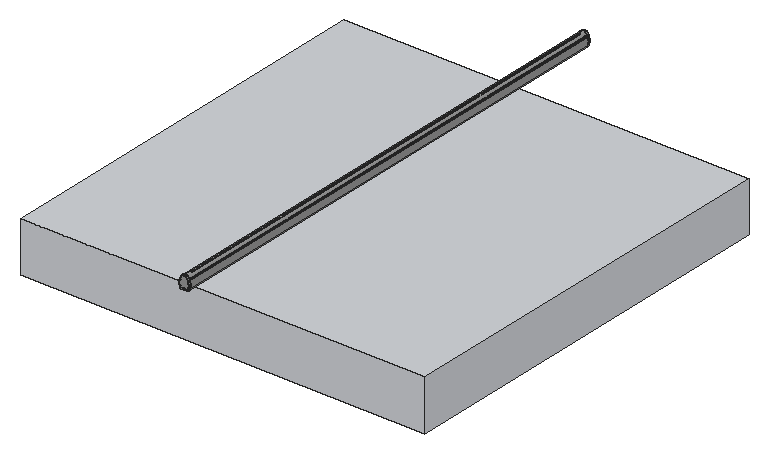
Revit family "L-trade II 130", category Осветительные приборы, Revit 2017 (continued)
Definition of nested family "L-trade II_body"
  Definition of nested family "Trade II торцевая крышка"
    Automatic sketch dimensions
      Extrusion 6 sketch curve to Extrusion 6 sketch curve = 8.271 mm  (x4)
      Extrusion 6 sketch curve to Extrusion 6 sketch curve = 1.531 mm  (x2)
      Extrusion 6 sketch curve to Extrusion 6 sketch curve = 5.501 mm  (x2)
      Extrusion 6 sketch curve to Extrusion 6 sketch curve = 4.46 mm  (x2)
      Extrusion 6 sketch curve to plane 3 "По центру (Влево/Вправо)" = 0.005 mm
      Extrusion 6 sketch curve to Extrusion 6 sketch curve = 4.841 mm
      Extrusion 6 sketch curve to plane 4 "Плоскость низа светильника" = 0.334 mm  (x2)
      Extrusion 6 sketch curve to Extrusion 6 sketch curve = 3.955 mm  (x2)
      Extrusion 6 sketch curve to Extrusion 6 sketch curve = 0.286 mm  (x2)
      Extrusion 6 sketch curve to plane 4 "Плоскость низа светильника" = 5.972 mm  (x2)
      Extrusion 6 sketch curve to plane 3 "По центру (Влево/Вправо)" = 5.642 mm
      Extrusion 6 sketch curve to Extrusion 6 sketch curve = 0.007 mm  (x2)
      Extrusion 6 sketch curve to plane 3 "По центру (Влево/Вправо)" = 16.883 mm
      Extrusion 6 sketch curve to Extrusion 6 sketch curve = 13.881 mm
      Extrusion 6 sketch curve to Extrusion 6 sketch curve = 1.459 mm  (x2)
      Extrusion 6 sketch curve to Extrusion 6 sketch curve = 0.611 mm  (x2)
      Extrusion 6 sketch curve to Extrusion 6 sketch curve = 6.48 mm  (x2)
      Extrusion 6 sketch curve to Extrusion 6 sketch curve = 9.13 mm  (x2)
      Extrusion 6 sketch curve to Extrusion 6 sketch curve = 2.408 mm  (x2)
      Extrusion 6 sketch curve to Extrusion 6 sketch curve = 2.412 mm  (x2)
      Extrusion 6 sketch curve to Extrusion 6 sketch curve = 2.678 mm  (x2)
      Extrusion 6 sketch curve to Extrusion 6 sketch curve = 2.683 mm  (x2)
      Extrusion 6 sketch curve to Extrusion 6 sketch curve = 0.731 mm  (x2)
      plane 3 "По центру (Влево/Вправо)" to Extrusion 6 sketch curve = 5.625 mm
      plane 3 "По центру (Влево/Вправо)" to Extrusion 6 sketch curve = 16.874 mm
      Extrusion 6 sketch curve to Extrusion 6 sketch curve = 13.895 mm
      plane 4 "Плоскость низа светильника" to Extrusion 6 sketch curve = 2.402 mm  (x2)
      Extrusion 6 sketch curve to Extrusion 6 sketch curve = 3.072 mm  (x2)
      Extrusion 6 sketch curve to Extrusion 6 sketch curve = 5.16 mm
      Extrusion 6 sketch curve to plane 4 "Плоскость низа светильника" = 2 mm  (x2)
      Extrusion 6 sketch curve to Extrusion 6 sketch curve = 1.353 mm  (x2)
      Extrusion 7 sketch curve to Extrusion 7 sketch curve = 0 mm  (x4)
      Extrusion 7 sketch curve to plane 4 "Плоскость низа светильника" = 0 mm
      plane 4 "Плоскость низа светильника" to Extrusion 7 sketch curve = 5.829 mm  (x2)
      Extrusion 7 sketch curve to Extrusion 7 sketch curve = 5.503 mm  (x2)
      Extrusion 7 sketch curve to Extrusion 7 sketch curve = 1.526 mm  (x2)
      Extrusion 7 sketch curve to Extrusion 7 sketch curve = 1.35 mm  (x4)
      Extrusion 7 sketch curve to Extrusion 7 sketch curve = 8.271 mm  (x4)
      Extrusion 7 sketch curve to Extrusion 7 sketch curve = 1.531 mm  (x2)
      Extrusion 7 sketch curve to Extrusion 7 sketch curve = 5.501 mm  (x2)
      Extrusion 7 sketch curve to Extrusion 7 sketch curve = 4.46 mm  (x2)
      Extrusion 7 sketch curve to plane 3 "По центру (Влево/Вправо)" = 0.005 mm
      Extrusion 7 sketch curve to Extrusion 7 sketch curve = 4.841 mm
      Extrusion 7 sketch curve to plane 4 "Плоскость низа светильника" = 0.334 mm  (x2)
      Extrusion 7 sketch curve to Extrusion 7 sketch curve = 3.955 mm  (x2)
      Extrusion 7 sketch curve to Extrusion 7 sketch curve = 0.286 mm  (x2)
      Extrusion 7 sketch curve to plane 4 "Плоскость низа светильника" = 5.972 mm  (x2)
      Extrusion 7 sketch curve to plane 3 "По центру (Влево/Вправо)" = 5.642 mm
      Extrusion 7 sketch curve to Extrusion 7 sketch curve = 0.007 mm  (x2)
      Extrusion 7 sketch curve to plane 3 "По центру (Влево/Вправо)" = 16.883 mm
      Extrusion 7 sketch curve to Extrusion 7 sketch curve = 13.881 mm
      Extrusion 7 sketch curve to Extrusion 7 sketch curve = 1.459 mm  (x2)
      Extrusion 7 sketch curve to Extrusion 7 sketch curve = 0.611 mm  (x2)
      Extrusion 7 sketch curve to Extrusion 7 sketch curve = 6.48 mm  (x2)
      Extrusion 7 sketch curve to Extrusion 7 sketch curve = 9.13 mm  (x2)
      Extrusion 7 sketch curve to Extrusion 7 sketch curve = 2.408 mm  (x2)
      Extrusion 7 sketch curve to Extrusion 7 sketch curve = 2.412 mm  (x2)
      Extrusion 7 sketch curve to Extrusion 7 sketch curve = 2.678 mm  (x2)
      Extrusion 7 sketch curve to Extrusion 7 sketch curve = 2.683 mm  (x2)
      Extrusion 7 sketch curve to Extrusion 7 sketch curve = 0.731 mm  (x2)
      plane 3 "По центру (Влево/Вправо)" to Extrusion 7 sketch curve = 5.625 mm
      plane 3 "По центру (Влево/Вправо)" to Extrusion 7 sketch curve = 16.874 mm
      Extrusion 7 sketch curve to Extrusion 7 sketch curve = 13.895 mm
      plane 4 "Плоскость низа светильника" to Extrusion 7 sketch curve = 2.402 mm  (x2)
      Extrusion 7 sketch curve to Extrusion 7 sketch curve = 3.072 mm  (x2)
      Extrusion 7 sketch curve to Extrusion 7 sketch curve = 5.16 mm
      Extrusion 7 sketch curve to plane 4 "Плоскость низа светильника" = 2 mm  (x2)
      Extrusion 7 sketch curve to Extrusion 7 sketch curve = 1.353 mm  (x2)
Types (6, lengths in mm): name | Цветовая температура | Световой поток светильника | Кривая сил света | Wattage | built-in parameter 1150134 | Файл фотометрической сетки | built-in parameter 1150142 | built-in parameter 1150105 | Lumens | built-in parameter 1150107 | built-in parameter 1150106 | Manufacturer | Артикул
  L-trade II 130 4.0K Д | 4000 K | 15210 lm | "Д" | 102.395 W | 12 | "L-trade II 130-130-D-4.0-03.ies" | "IESNA:LM-63-1995\r\n[TEST]LEDEL\r\n[DATA]17.01.2017\r\n[MANUFAC]LEDEL\r\n[LUMCAT]L-trade II 130/130/Д/4.0/03\r\n[LUMINAIRE]Для освещения торговых залов, промышленных помещений, складов, магазинов, спортивных сооружений и т.д.  \r\n[LAMPCAT]LED\r\n[LAMP]OSRAM DURIS \r\nTILT=NONE\r\n\r\n1 15210 3.31685 37 10 1 2 3.031 0.05 0.123\r\n\r\n1 1 130\r\n\r\n 0 2.5 5 7.5 10 12.5 15 17.5 20 22.5 25 27.5 30 32.5 35 37.5 40 42.5 45 47.5\r\n 50 52.5 55 57.5 60 62.5 65 67.5 70 72.5 75 77.5 80 82.5 85 87.5 90\r\n\r\n  0 10 20 30 40 50 60 70 80 90\r\n\r\n  1448 1456 1465 1459 1434 1417 1396 1387 1383 1354 1329 1311 1281 1249 1214\r\n  1167 1135 1093 1050 1004 955 898 842 790 745 685 614 558 497 436\r\n  375 307 242 181 126 65 39\r\n  1449 1455 1464 1457 1433 1415 1396 1387 1385 1360 1334 1315 1285 1254 1221\r\n  1181 1144 1102 1059 1013 961 911 849 798 755 700 626 560 497 434\r\n  371 301 237 176 120 59 39\r\n  1446 1455 1463 1457 1437 1419 1402 1386 1386 1367 1337 1318 1288 1254 1226\r\n  1187 1141 1110 1065 1016 966 920 861 805 762 711 645 578 519 459\r\n  393 327 261 195 142 79 45\r\n  1446 1455 1462 1461 1443 1422 1409 1388 1379 1372 1344 1313 1292 1266 1230\r\n  1195 1156 1111 1073 1024 976 923 870 806 750 704 651 582 514 456\r\n  393 334 265 199 145 84 50\r\n  1446 1454 1462 1461 1447 1427 1411 1395 1371 1361 1347 1320 1287 1263 1235\r\n  1191 1154 1118 1068 1019 972 924 870 813 751 689 638 589 519 450\r\n  390 327 267 206 148 94 52\r\n  1445 1454 1461 1460 1449 1433 1414 1395 1375 1348 1333 1326 1298 1255 1221\r\n  1194 1158 1114 1070 1022 964 917 852 793 731 674 605 546 502 439\r\n  370 313 256 200 141 95 53\r\n  1446 1453 1461 1458 1452 1441 1428 1407 1380 1362 1338 1304 1278 1262 1243\r\n  1196 1146 1105 1065 1015 958 911 855 780 736 671 611 544 480 418\r\n  368 309 249 198 147 99 58\r\n  1447 1454 1458 1455 1449 1445 1432 1419 1396 1372 1343 1310 1281 1254 1215\r\n  1173 1137 1097 1055 1004 943 890 840 772 714 658 590 515 449 386\r\n  323 262 219 167 127 88 52\r\n  1455 1455 1454 1446 1437 1427 1415 1396 1377 1353 1321 1293 1259 1220 1176\r\n  1121 1063 1016 970 915 860 796 738 689 627 546 468 418 339 272\r\n  206 154 106 74 48 28 20\r\n  1453 1452 1452 1449 1443 1436 1425 1412 1396 1376 1352 1327 1293 1265 1234\r\n  1195 1141 1095 1049 999 950 899 826 780 705 632 578 501 435 364\r\n  295 228 169 115 72 40 22\r\n  1455 1452 1447 1432 1418 1398 1384 1368 1355 1329 1289 1253 1215 1176 1132\r\n  1090 1041 993 928 867 814 739 647 556 500 486 437 344 282 217\r\n  153 111 78 55 36 25 22\r\n  1447 1443 1438 1431 1425 1412 1396 1374 1351 1315 1276 1227 1185 1154 1116\r\n  1042 965 916 913 907 845 755 688 630 568 486 419 357 300 242\r\n  190 149 110 70 47 31 29\r\n  1446 1443 1446 1445 1431 1408 1385 1359 1327 1300 1252 1177 1120 1110 1115\r\n  1086 1020 955 910 863 805 738 673 620 554 494 430 368 312 260\r\n  211 161 106 73 47 35 32\r\n  1445 1445 1452 1447 1429 1404 1377 1356 1324 1263 1220 1224 1225 1170 1099\r\n  1054 1021 977 918 854 808 748 695 645 587 527 466 415 356 298\r\n  240 170 126 87 50 37 35\r\n  1446 1448 1455 1447 1428 1403 1377 1340 1278 1267 1296 1269 1209 1168 1128\r\n  1076 1019 958 916 864 809 763 711 653 592 538 481 425 366 301\r\n  228 173 131 83 47 37 35\r\n  1446 1454 1457 1445 1426 1403 1369 1311 1301 1328 1299 1241 1210 1178 1135\r\n  1078 1029 986 933 882 832 775 718 656 604 547 490 430 366 290\r\n  224 175 124 75 44 37 34\r\n  1446 1454 1457 1445 1424 1402 1357 1314 1337 1339 1284 1243 1216 1179 1127\r\n  1076 1035 984 936 896 845 788 726 676 617 559 497 433 362 285\r\n  225 176 120 72 41 37 34\r\n  1449 1459 1456 1440 1421 1391 1343 1326 1355 1329 1277 1253 1225 1186 1130\r\n  1092 1049 999 955 910 858 797 740 689 627 568 508 443 369 293\r\n  235 184 123 72 41 36 34\r\n  1448 1457 1457 1440 1418 1389 1343 1334 1359 1321 1278 1253 1219 1176 1123\r\n  1087 1041 994 951 905 852 790 736 679 621 561 498 432 356 283\r\n  225 172 113 67 40 35 34\r\n\r\n" | 1210.4 (stored number, unit not read) | 15210 lm | 4000 (stored number, unit not read) | 12.104 (stored number, unit not read) | "" | "324113000843300"
  L-trade II 130 5.0K Д | 5000 K | 15210 lm | "Д" | 102.395 W | 2 | "L-trade II 130-130-D-5.0-03.ies" | "IESNA:LM-63-1995\r\n[TEST]LEDEL\r\n[DATA]17.01.2017\r\n[MANUFAC]LEDEL\r\n[LUMCAT]L-trade II 130/130/Д/5.0/03\r\n[LUMINAIRE]Для освещения торговых залов, промышленных помещений, складов, магазинов, спортивных сооружений и т.д.  \r\n[LAMPCAT]LED\r\n[LAMP]OSRAM DURIS \r\nTILT=NONE\r\n\r\n1 15210 3.31685 37 10 1 2 3.031 0.05 0.123\r\n\r\n1 1 130\r\n\r\n 0 2.5 5 7.5 10 12.5 15 17.5 20 22.5 25 27.5 30 32.5 35 37.5 40 42.5 45 47.5\r\n 50 52.5 55 57.5 60 62.5 65 67.5 70 72.5 75 77.5 80 82.5 85 87.5 90\r\n\r\n  0 10 20 30 40 50 60 70 80 90\r\n\r\n  1448 1456 1465 1459 1434 1417 1396 1387 1383 1354 1329 1311 1281 1249 1214\r\n  1167 1135 1093 1050 1004 955 898 842 790 745 685 614 558 497 436\r\n  375 307 242 181 126 65 39\r\n  1449 1455 1464 1457 1433 1415 1396 1387 1385 1360 1334 1315 1285 1254 1221\r\n  1181 1144 1102 1059 1013 961 911 849 798 755 700 626 560 497 434\r\n  371 301 237 176 120 59 39\r\n  1446 1455 1463 1457 1437 1419 1402 1386 1386 1367 1337 1318 1288 1254 1226\r\n  1187 1141 1110 1065 1016 966 920 861 805 762 711 645 578 519 459\r\n  393 327 261 195 142 79 45\r\n  1446 1455 1462 1461 1443 1422 1409 1388 1379 1372 1344 1313 1292 1266 1230\r\n  1195 1156 1111 1073 1024 976 923 870 806 750 704 651 582 514 456\r\n  393 334 265 199 145 84 50\r\n  1446 1454 1462 1461 1447 1427 1411 1395 1371 1361 1347 1320 1287 1263 1235\r\n  1191 1154 1118 1068 1019 972 924 870 813 751 689 638 589 519 450\r\n  390 327 267 206 148 94 52\r\n  1445 1454 1461 1460 1449 1433 1414 1395 1375 1348 1333 1326 1298 1255 1221\r\n  1194 1158 1114 1070 1022 964 917 852 793 731 674 605 546 502 439\r\n  370 313 256 200 141 95 53\r\n  1446 1453 1461 1458 1452 1441 1428 1407 1380 1362 1338 1304 1278 1262 1243\r\n  1196 1146 1105 1065 1015 958 911 855 780 736 671 611 544 480 418\r\n  368 309 249 198 147 99 58\r\n  1447 1454 1458 1455 1449 1445 1432 1419 1396 1372 1343 1310 1281 1254 1215\r\n  1173 1137 1097 1055 1004 943 890 840 772 714 658 590 515 449 386\r\n  323 262 219 167 127 88 52\r\n  1455 1455 1454 1446 1437 1427 1415 1396 1377 1353 1321 1293 1259 1220 1176\r\n  1121 1063 1016 970 915 860 796 738 689 627 546 468 418 339 272\r\n  206 154 106 74 48 28 20\r\n  1453 1452 1452 1449 1443 1436 1425 1412 1396 1376 1352 1327 1293 1265 1234\r\n  1195 1141 1095 1049 999 950 899 826 780 705 632 578 501 435 364\r\n  295 228 169 115 72 40 22\r\n  1455 1452 1447 1432 1418 1398 1384 1368 1355 1329 1289 1253 1215 1176 1132\r\n  1090 1041 993 928 867 814 739 647 556 500 486 437 344 282 217\r\n  153 111 78 55 36 25 22\r\n  1447 1443 1438 1431 1425 1412 1396 1374 1351 1315 1276 1227 1185 1154 1116\r\n  1042 965 916 913 907 845 755 688 630 568 486 419 357 300 242\r\n  190 149 110 70 47 31 29\r\n  1446 1443 1446 1445 1431 1408 1385 1359 1327 1300 1252 1177 1120 1110 1115\r\n  1086 1020 955 910 863 805 738 673 620 554 494 430 368 312 260\r\n  211 161 106 73 47 35 32\r\n  1445 1445 1452 1447 1429 1404 1377 1356 1324 1263 1220 1224 1225 1170 1099\r\n  1054 1021 977 918 854 808 748 695 645 587 527 466 415 356 298\r\n  240 170 126 87 50 37 35\r\n  1446 1448 1455 1447 1428 1403 1377 1340 1278 1267 1296 1269 1209 1168 1128\r\n  1076 1019 958 916 864 809 763 711 653 592 538 481 425 366 301\r\n  228 173 131 83 47 37 35\r\n  1446 1454 1457 1445 1426 1403 1369 1311 1301 1328 1299 1241 1210 1178 1135\r\n  1078 1029 986 933 882 832 775 718 656 604 547 490 430 366 290\r\n  224 175 124 75 44 37 34\r\n  1446 1454 1457 1445 1424 1402 1357 1314 1337 1339 1284 1243 1216 1179 1127\r\n  1076 1035 984 936 896 845 788 726 676 617 559 497 433 362 285\r\n  225 176 120 72 41 37 34\r\n  1449 1459 1456 1440 1421 1391 1343 1326 1355 1329 1277 1253 1225 1186 1130\r\n  1092 1049 999 955 910 858 797 740 689 627 568 508 443 369 293\r\n  235 184 123 72 41 36 34\r\n  1448 1457 1457 1440 1418 1389 1343 1334 1359 1321 1278 1253 1219 1176 1123\r\n  1087 1041 994 951 905 852 790 736 679 621 561 498 432 356 283\r\n  225 172 113 67 40 35 34\r\n\r\n" | 1210.4 (stored number, unit not read) | 15210 lm | 5000 (stored number, unit not read) | 12.104 (stored number, unit not read) | "" | "210045"
  L-trade II 130 4.0K К15 | 4000 K | 14822 lm | "К15" | 99.7833 W | 12 | "L-trade II 130-130-K15-4.0-01.ies" | "IESNA:LM-63-1995\r\n[TEST]LEDEL\r\n[DATA]17.01.2017\r\n[MANUFAC]LEDEL\r\n[LUMCAT]L-trade II 130/130/К15/4.0/01\r\n[LUMINAIRE]Для освещения торговых залов, промышленных помещений, складов, магазинов, спортивных сооружений и т.д.  \r\n[LAMPCAT]LED\r\n[LAMP]OSRAM SQUARE\r\nTILT=NONE\r\n\r\n1 14822 2.2919 37 19 1 2 3.031 0.05 0.123\r\n\r\n1 1 130\r\n\r\n  0 2.5 5 7.5 10 12.5 15 17.5 20 22.5 25 27.5 30 32.5 35 37.5 40 42.5 45 47.5\r\n 50 52.5 55 57.5 60 62.5 65 67.5 70 72.5 75 77.5 80 82.5 85 87.5 90\r\n\r\n  0 5 10 15 20 25 30 35 40 45 50 55 60 65 70 75\r\n  80 85 90 \r\n\r\n  31577 30708 27040 21987 16469 11472 7577 4708 2995 2122 1611 1250 953 863 658\r\n  625 522 444 363 308 295 182 227 241 159 137 91 126 114 81\r\n  69 46 46 116 69 11 69\r\n  31509 30761 27290 22294 16742 11699 7759 4893 3108 2133 1611 1271 999 863 681\r\n  601 568 454 363 283 318 287 273 203 182 137 69 102 91 56\r\n  91 46 91 32 69 70 91\r\n  31509 30761 27290 22294 16742 11699 7759 4893 3108 2133 1611 1271 999 863 681\r\n  601 568 454 363 283 318 287 273 203 182 137 69 102 91 56\r\n  91 46 91 32 69 70 91\r\n  31509 30761 27290 22294 16742 11699 7759 4893 3108 2133 1611 1271 999 863 681\r\n  601 568 454 363 283 318 287 273 203 182 137 69 102 91 56\r\n  91 46 91 32 69 70 91\r\n  31509 30761 27290 22294 16742 11699 7759 4893 3108 2133 1611 1271 999 863 681\r\n  601 568 454 363 283 318 287 273 203 182 137 69 102 91 56\r\n  91 46 91 32 69 70 91\r\n  31509 30761 27290 22294 16742 11699 7759 4893 3108 2133 1611 1271 999 863 681\r\n  601 568 454 363 283 318 287 273 203 182 137 69 102 91 56\r\n  91 46 91 32 69 70 91\r\n  31509 30761 27290 22294 16742 11699 7759 4893 3108 2133 1611 1271 999 863 681\r\n  601 568 454 363 283 318 287 273 203 182 137 69 102 91 56\r\n  91 46 91 32 69 70 91\r\n  31509 30761 27290 22294 16742 11699 7759 4893 3108 2133 1611 1271 999 863 681\r\n  601 568 454 363 283 318 287 273 203 182 137 69 102 91 56\r\n  91 46 91 32 69 70 91\r\n  31509 30761 27290 22294 16742 11699 7759 4893 3108 2133 1611 1271 999 863 681\r\n  601 568 454 363 283 318 287 273 203 182 137 69 102 91 56\r\n  91 46 91 32 69 70 91\r\n  31509 30761 27290 22294 16742 11699 7759 4893 3108 2133 1611 1271 999 863 681\r\n  601 568 454 363 283 318 287 273 203 182 137 69 102 91 56\r\n  91 46 91 32 69 70 91\r\n  31509 30761 27290 22294 16742 11699 7759 4893 3108 2133 1611 1271 999 863 681\r\n  601 568 454 363 283 318 287 273 203 182 137 69 102 91 56\r\n  91 46 91 32 69 70 91\r\n  31509 30761 27290 22294 16742 11699 7759 4893 3108 2133 1611 1271 999 863 681\r\n  601 568 454 363 283 318 287 273 203 182 137 69 102 91 56\r\n  91 46 91 32 69 70 91\r\n  31509 30761 27290 22294 16742 11699 7759 4893 3108 2133 1611 1271 999 863 681\r\n  601 568 454 363 283 318 287 273 203 182 137 69 102 91 56\r\n  91 46 91 32 69 70 91\r\n  31509 30761 27290 22294 16742 11699 7759 4893 3108 2133 1611 1271 999 863 681\r\n  601 568 454 363 283 318 287 273 203 182 137 69 102 91 56\r\n  91 46 91 32 69 70 91\r\n  31509 30761 27290 22294 16742 11699 7759 4893 3108 2133 1611 1271 999 863 681\r\n  601 568 454 363 283 318 287 273 203 182 137 69 102 91 56\r\n  91 46 91 32 69 70 91\r\n  31509 30761 27290 22294 16742 11699 7759 4893 3108 2133 1611 1271 999 863 681\r\n  601 568 454 363 283 318 287 273 203 182 137 69 102 91 56\r\n  91 46 91 32 69 70 91\r\n  31509 30761 27290 22294 16742 11699 7759 4893 3108 2133 1611 1271 999 863 681\r\n  601 568 454 363 283 318 287 273 203 182 137 69 102 91 56\r\n  91 46 91 32 69 70 91\r\n  31509 30761 27290 22294 16742 11699 7759 4893 3108 2133 1611 1271 999 863 681\r\n  601 568 454 363 283 318 287 273 203 182 137 69 102 91 56\r\n  91 46 91 32 69 70 91\r\n  31509 30761 27290 22294 16742 11699 7759 4893 3108 2133 1611 1271 999 863 681\r\n  601 568 454 363 283 318 287 273 203 182 137 69 102 91 56\r\n  91 46 91 32 69 70 91\r\n  31509 29215 24772 19310 13883 9353 5921 3672 2382 1770 1384 1100 863 681 636\r\n  545 454 409 341 273 273 182 182 137 159 137 114 126 114 91\r\n  69 91 46 46 46 46 23\r\n  31509 29215 24772 19310 13883 9353 5921 3672 2382 1770 1384 1100 863 681 636\r\n  545 454 409 341 273 273 182 182 137 159 137 114 126 114 91\r\n  69 91 46 46 46 46 23\r\n  31509 29215 24772 19310 13883 9353 5921 3672 2382 1770 1384 1100 863 681 636\r\n  545 454 409 341 273 273 182 182 137 159 137 114 126 114 91\r\n  69 91 46 46 46 46 23\r\n  31509 29215 24772 19310 13883 9353 5921 3672 2382 1770 1384 1100 863 681 636\r\n  545 454 409 341 273 273 182 182 137 159 137 114 126 114 91\r\n  69 91 46 46 46 46 23\r\n  31509 29215 24772 19310 13883 9353 5921 3672 2382 1770 1384 1100 863 681 636\r\n  545 454 409 341 273 273 182 182 137 159 137 114 126 114 91\r\n  69 91 46 46 46 46 23\r\n  31509 29215 24772 19310 13883 9353 5921 3672 2382 1770 1384 1100 863 681 636\r\n  545 454 409 341 273 273 182 182 137 159 137 114 126 114 91\r\n  69 91 46 46 46 46 23\r\n  31509 29215 24772 19310 13883 9353 5921 3672 2382 1770 1384 1100 863 681 636\r\n  545 454 409 341 273 273 182 182 137 159 137 114 126 114 91\r\n  69 91 46 46 46 46 23\r\n  31509 29215 24772 19310 13883 9353 5921 3672 2382 1770 1384 1100 863 681 636\r\n  545 454 409 341 273 273 182 182 137 159 137 114 126 114 91\r\n  69 91 46 46 46 46 23\r\n  31509 29215 24772 19310 13883 9353 5921 3672 2382 1770 1384 1100 863 681 636\r\n  545 454 409 341 273 273 182 182 137 159 137 114 126 114 91\r\n  69 91 46 46 46 46 23\r\n  31509 29215 24772 19310 13883 9353 5921 3672 2382 1770 1384 1100 863 681 636\r\n  545 454 409 341 273 273 182 182 137 159 137 114 126 114 91\r\n  69 91 46 46 46 46 23\r\n  31509 29215 24772 19310 13883 9353 5921 3672 2382 1770 1384 1100 863 681 636\r\n  545 454 409 341 273 273 182 182 137 159 137 114 126 114 91\r\n  69 91 46 46 46 46 23\r\n  31509 29215 24772 19310 13883 9353 5921 3672 2382 1770 1384 1100 863 681 636\r\n  545 454 409 341 273 273 182 182 137 159 137 114 126 114 91\r\n  69 91 46 46 46 46 23\r\n  31509 29215 24772 19310 13883 9353 5921 3672 2382 1770 1384 1100 863 681 636\r\n  545 454 409 341 273 273 182 182 137 159 137 114 126 114 91\r\n  69 91 46 46 46 46 23\r\n  31509 29215 24772 19310 13883 9353 5921 3672 2382 1770 1384 1100 863 681 636\r\n  545 454 409 341 273 273 182 182 137 159 137 114 126 114 91\r\n  69 91 46 46 46 46 23\r\n  31509 29215 24772 19310 13883 9353 5921 3672 2382 1770 1384 1100 863 681 636\r\n  545 454 409 341 273 273 182 182 137 159 137 114 126 114 91\r\n  69 91 46 46 46 46 23\r\n  31509 29215 24772 19310 13883 9353 5921 3672 2382 1770 1384 1100 863 681 636\r\n  545 454 409 341 273 273 182 182 137 159 137 114 126 114 91\r\n  69 91 46 46 46 46 23\r\n  31509 29215 24772 19310 13883 9353 5921 3672 2382 1770 1384 1100 863 681 636\r\n  545 454 409 341 273 273 182 182 137 159 137 114 126 114 91\r\n  69 91 46 46 46 46 23\r\n  31577 29407 25044 19617 14156 9570 6057 3832 2450 1780 1384 1124 863 681 636\r\n  545 454 409 341 283 295 203 227 137 137 137 114 91 91 91\r\n  69 91 23 35 46 46 46\r\n\r" | 1179.5 (stored number, unit not read) | 14822 lm | 4000 (stored number, unit not read) | 11.795 (stored number, unit not read) | "" | "324113002741300"
